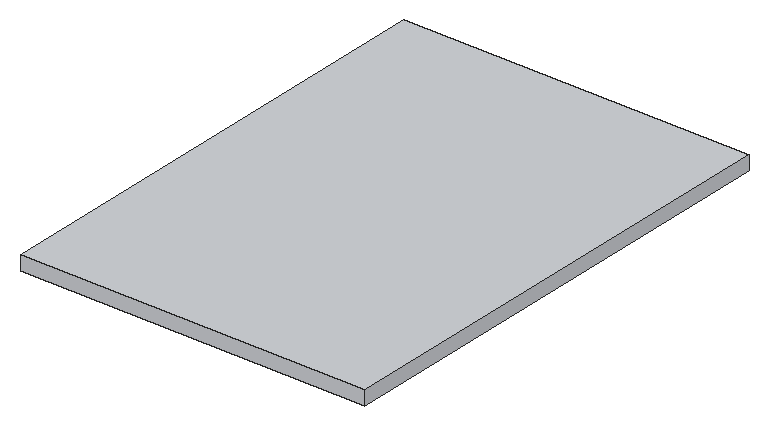
Revit family "MLR2-M", category Lighting Fixtures, host Face, Revit 2019
Family settings
  Host = Face
  Round Connector Dimension = Use Diameter
  Part Type = Normal
  OmniClass Number = 23.80.70.11
  OmniClass Title = Luminaries for Internal Lighting
  Cut with Voids When Loaded = No
  Light Source = Yes
  Shared = No
  Room Calculation Point = No
Parameters
  Final Hanging Points [instance] = if(Fixture Length > 12' 0", 3, No of Hanging Points)  # 2
  No of Hanging Points = 2
  Emit from Rectangle Width = 2' - 0"
  Emit from Rectangle Length = 4' - 0"
  Emit Shape Visible in Rendering = no
  Default Elevation [instance] = 4' - 0"
  Cable Suspension [instance] = 1' - 6"
  Wattage Comments = ""
  Wattage = 7.40531 W
  built-in parameter 1150110 = 1 (stored number, unit not read)
  Voltage Comment = "120/277 UNV Volt"
  Voltage [instance] = 120 V
  URL = "https://mercltg.com/product/mlr2-m/"
  built-in parameter 1114217 = 1 (stored number, unit not read)
  Tilt Angle = 90.00°
  built-in parameter 1150109 = 1 (stored number, unit not read)
  built-in parameter 1150134 = (empty or 0)
  built-in parameter 1150113 = 1 (stored number, unit not read)
  No of Poles [instance] = 1
  Model = "MLR2-M"
  Manufacturer = "Mercury Lighting"
  Load Classifcation = Lighting
  Load [instance] = 0 W
  Photometric Web File = "mer12182822.14-MLR2-M-48-525-35K-ASO-A401-U.ies"
  Lumens = 1100 lm
  built-in parameter 1150115 = 1 (stored number, unit not read)
  built-in parameter 1150105 = 87.535 (stored number, unit not read)
  built-in parameter 1150137 = (empty or 0)
  built-in parameter 1150139 = (empty or 0)
  Lens = Acrylic
  built-in parameter 1150112 = 1 (stored number, unit not read)
  built-in parameter 1150114 = 1 (stored number, unit not read)
  Lamp = "LED"
  built-in parameter 1150132 = 2
  built-in parameter 1150102 = (empty or 0)
  built-in parameter 1150138 = (empty or 0)
  built-in parameter 1150107 = 3000 (stored number, unit not read)
  built-in parameter 1150106 = 0.87535 (stored number, unit not read)
  Housing = Metal, Paint Finish, White, Matte
  Fixture Length [instance] = 4' - 0"
  Fixture width = 0' - 1 7/8"
  built-in parameter 1150104 = 13.8 (stored number, unit not read)
  Dimming Lamp Color Temperature Shift = (empty or 0)
  Color Filter = 16777215
  built-in parameter 1114218 = 1 (stored number, unit not read)
  built-in parameter 1150133 = 10 (stored number, unit not read)
  Apparent Load = 0 VA
Reference planes (in)
  plane 1 "Light Source Axis (F/B)": y = 0
  plane 2 "Ceiling": z = 0
  plane 3 "Light Source Axis (L/R)": x = 0
  plane 4 "Light Source Elevation": z = -20.5
  plane 5: x = 24
  plane 6: x = -24
  plane 7: x = 23.9375
  plane 8: x = -23.9375
  plane 9: z = -18
  plane 10: x = -23.5
  plane 11: x = 23.5
  plane 12: z = 0
  plane 13: x = -122.44502
Forms (in)
  Extrusion 1, solid, material "Metal, Paint Finish, White, Matte" <- "Housing"
    sketch origin (0, 0, -17.25) x (0, 1, 0) y (0, 0, 1)
      loop
        line (0.9375, -0.75) -> (-0.9375, -0.75) -> (-0.9375, -4.25) -> (-0.9375, -5) -> (-0.875, -5) -> (-0.875, -4.25) -> (0.875, -4.25) -> (0.875, -5) -> (0.9375, -5) -> (0.9375, -4.25) -> (0.9375, -0.75)
    from -24 to 24
  Extrusion 2, void
    sketch origin (0, 0, 0) x (0, 1, 0) y (0, 0, 1)
      loop
        line (0.875, -21.5) -> (0.875, -20.5) -> (-0.875, -20.5) -> (-0.875, -21.5) -> (0.875, -21.5)
    from -23.9375 to 23.9375
  Extrusion 3, solid, material "Acrylic" <- "Lens"
    sketch origin (0, 0, 0) x (0, 1, 0) y (0, 0, 1)
      loop
        line (0.875, -21.5) -> (0.875, -21.375) -> (-0.875, -21.375) -> (-0.875, -21.5) -> (0.875, -21.5)
    from -23.9375 to 23.9375
  Extrusion 4, solid
    sketch origin (0, 0, 0) x (1, 0, 0) y (0, 1, 0)
      loop
        line (-148, -206) -> (148, -206) -> (148, 206) -> (-148, 206) -> (-148, -206)
    from 0 to 12
  Extrusion 5, solid, material "Metal, Paint Finish, White, Matte" <- "Housing"
    sketch origin (0, 0, 0) x (0, 1, 0) y (0, 0, 1)
      loop
        line (-0.9375, -18) -> (-0.9375, -22.25) -> (0.9375, -22.25) -> (0.9375, -18) -> (-0.9375, -18)
    from 24 to 24.0625
  Extrusion 6, solid, material "Metal, Paint Finish, White, Matte" <- "Housing"
    sketch origin (0, 0, 0) x (0, 1, 0) y (0, 0, 1)
      loop
        line (0.9375, -18) -> (-0.9375, -18) -> (-0.9375, -22.25) -> (0.9375, -22.25) -> (0.9375, -18)
    from -24.0625 to -24
Cuts and joins
  Extrusion 2 cuts Extrusion 1
Dimensions and locks (in)
  equal spacing: Extrusion 1 sketch curve, imposter light, Extrusion 1 sketch curve
  "Fixture width": Extrusion 1 sketch curve to Extrusion 1 sketch curve
  locked: Extrusion 1 sketch curve to Extrusion 1 sketch curve at 3.5
  equal spacing: plane 5, plane 3 "Light Source Axis (L/R)", plane 6
  "Fixture Length": plane 5 to plane 6
  locked: plane 8 to plane 6 at 0.0625
  locked: plane 7 to plane 5 at 0.0625
  locked: cut or joined group of Extrusion 1, Extrusion 2 to Extrusion 2 sketch curve at 0.0625  (x2)
  locked: Extrusion 2 sketch curve to Extrusion 2 sketch curve at 1
  locked: Extrusion 3 sketch curve to Extrusion 3 sketch curve at 0.125
  "Cable Suspension": plane 2 "Ceiling" to plane 9
  plane 9 to plane 4 "Light Source Elevation" to Extrusion 3 = 0' - 2 1/2" locked, 0' - 0 7/8" locked
  locked: plane 10 to plane 6 at 0.5
  locked: plane 5 to plane 11 at 0.5
  group 1 to group 2 = 3' - 11"
  group 1 to group 2 = 0' - 0"  (x2)
  locked: Extrusion 1 sketch curve to Extrusion 1 sketch curve at 0.75
  locked: Extrusion 6 to plane 6 at 0.0625
  locked: Extrusion 5 to Extrusion 5 at 0.0625
  aligned and locked: plane 3 "Light Source Axis (L/R)" to imposter light
  aligned and locked: plane 1 "Light Source Axis (F/B)" to imposter light
  aligned and locked: plane 4 "Light Source Elevation" to imposter light
  aligned and locked: plane 5 to Extrusion 1
  aligned and locked: Extrusion 1 to plane 6
  aligned and locked: plane 7 to Extrusion 2
  aligned and locked: Extrusion 2 to plane 8
  aligned and locked: plane 7 to Extrusion 3
  aligned and locked: Extrusion 3 to plane 8
  aligned and locked: cut or joined group of Extrusion 1, Extrusion 2 to Extrusion 2 sketch curve
  aligned and locked: cut or joined group of Extrusion 1, Extrusion 2 to Extrusion 3 sketch curve
  aligned and locked: imposter light to cut or joined group of Extrusion 1, Extrusion 2
  aligned and locked: Extrusion 3 sketch curve to cut or joined group of Extrusion 1, Extrusion 2  (x2)
  aligned and locked: plane 1 "Light Source Axis (F/B)" to nested 1
  aligned and locked: plane 10 to nested 1
  aligned and locked: plane 9 to nested 1
  aligned and locked: plane 11 to nested 2
  aligned and locked: Extrusion 1 sketch curve to Extrusion 1 sketch curve
  aligned and locked: Extrusion 5 sketch curve to cut or joined group of Extrusion 1, Extrusion 2  (x4)
  aligned and locked: Extrusion 5 to plane 5
  aligned and locked: Extrusion 6 sketch curve to plane 9
  aligned and locked: Extrusion 6 sketch curve to Extrusion 5  (x3)
  aligned and locked: plane 6 to Extrusion 6
Automatic sketch dimensions
  Extrusion 4 sketch curve to Extrusion 4 sketch curve = 24' - 8"
  Extrusion 4 sketch curve to Extrusion 4 sketch curve = 34' - 4"
  Extrusion 1 sketch curve to plane 9 = 0' - 0"
  Extrusion 1 sketch curve to Extrusion 1 sketch curve = 0' - 0 1/16"  (x2)
  Extrusion 1 sketch curve to Extrusion 1 sketch curve = 0' - 0"  (x2)
Nested families (in)
  nested 1: "Round Canopy" at (-23.5, 0, 0), Cord Height <- "Cable Suspension", type "Round Canopy"
    with Default Elevation 4' - 0", Cord Height 1' - 6", Canopy Width 0' - 1"
  nested 2: "Round Canopy" at (23.5, 0, 0), Cord Height <- "Cable Suspension", type "Round Canopy"
    with Default Elevation 4' - 0", Cord Height 1' - 6", Canopy Width 0' - 1"
Connectors (in)
  electrical at (-23.5, 0, 0), driven by "No of Poles", driven by "Load Classifcation", driven by "Voltage", driven by "Load"
    settings: on nested 1, index 1, voltage 120 V, apparent load 0 VA, apparent load phase1 0 VA, apparent load phase2 0 VA, apparent load phase3 0 VA, power factor 1, load classification "Lighting", number of poles 1, system type 31, power factor state 1, is connector primary yes, connector utility no, sub classification motor no, connector description ""
Definition of nested family "Round Canopy"
  Parameters (values of type "Round Canopy")
    Default Elevation [instance] = 4' - 0"
    Cord Height [instance] = 1' - 0"
    Canopy Width [instance] = 0' - 1"
  Reference planes (in)
    plane 1 "Center (Front/Back)": y = 0
    plane 2 "Ceiling": z = 0
    plane 3 "Center (Left/Right)": x = 0
    plane 4: z = 0
  Forms (in)
    Revolve 1, solid
      sketch origin (0, 0, 0) x (1, 0, 0) y (0, 0, 1)
        loop
          line (0.1679, -12) -> (0.1679, -10.8) -> (0.03125, -10.8) -> (0.03125, -1.57425) -> (0.20625, -1.57425) -> (0.20625, -0.37425) -> (1, -0.37425) -> (1, 0) -> (0, 0) -> (0, -12) -> (0.1679, -12)
        axis (0, 0) -> (0, -12)
      angle from 0 to 360
    Extrusion 2, solid
      sketch origin (0, 0, 0) x (1, 0, 0) y (0, 1, 0)
        loop
          line (-60, -60) -> (60, -60) -> (60, 60) -> (-60, 60) -> (-60, -60)
      from 0 to 12
  Dimensions and locks (in)
    Revolve 1 sketch curve to Revolve 1 sketch curve to Revolve 1 sketch curve = 0' - 0.13665" locked, 0' - 0 1/32" locked
    locked: Revolve 1 sketch curve to Revolve 1 sketch curve at 1.2  (x2)
    locked: Revolve 1 sketch curve to Revolve 1 sketch curve at 0.175
    locked: Revolve 1 sketch curve to Revolve 1 sketch curve at 0.37425
    "Cord Height": Revolve 1 to Revolve 1
    "Canopy Width": Revolve 1 sketch curve to Revolve 1 sketch curve
    aligned and locked: Revolve 1 sketch curve to plane 3 "Center (Left/Right)"
  Automatic sketch dimensions
    Revolve 1 sketch curve to plane 2 "Ceiling" = 0' - 0"  (x2)
    Revolve 1 sketch curve to plane 3 "Center (Left/Right)" = 0' - 0"
    Revolve 1 sketch curve to Revolve 1 sketch curve = 0' - 9.22575"
    Revolve 1 sketch curve to Revolve 1 sketch curve = 0' - 10.47575"
    Extrusion 2 sketch curve to Extrusion 2 sketch curve = 10' - 0"  (x2)
